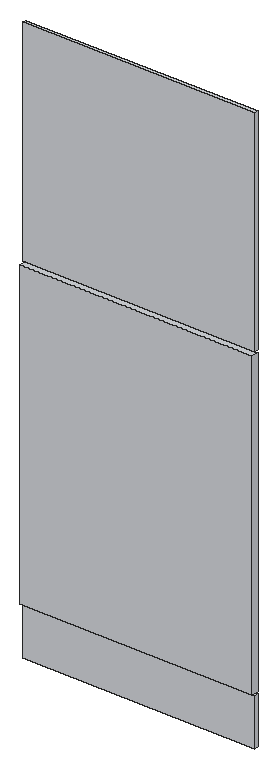
Revit family "EXP_WT-1A_CPan-029", category Curtain Panels, Revit 2021
Family settings
  OmniClass Number = 23.25.20.14.11.11.17
  OmniClass Title = Infill Panels
  Always vertical = Yes
  Cut with Voids When Loaded = No
  Shared = No
Parameters (values of type "H2 = 8'  5 1/2"")
  UI-UnitNumber [instance] = "01"
  UI-Quadrant [instance] = "SE"
  UI-ProjectAbbreviation = "NEU"
  UI-ItemCategory = "PID"
  UI-FloorNumber [instance] = "03"
  PNT-WallType = "WT1A"
  PNT-ProjectAbbreviation = "NEU"
  PNT-PanelType [instance] = "01"
  PNT-ItemCategory = "PNL"
  GlassSPH3 [instance] = 0' - 1 1/8"
  GlassSPH2(x3) [instance] = 0' - 2 3/16"
  GlassSPH1 [instance] = 0' - 1 1/8"
  GlassH3 [instance] = none
  GlassH2 [instance] = none
  GlassH1 [instance] = none
  Define Thermal Properties by = Schematic Type
  CellSp = 0' - 10 3/16"
  CellL [instance] = 6' - 10"
  CellH3 [instance] = CellH - (CellH1 + CellH2)  # 1' - 5 1/2"
  CellH2 = 8' - 5 1/2"
  CellH1 = 6' - 0 1/2"
  CellH [instance] = 15' - 11 1/2"
  CellAngle = 45.00°
  Analytic Construction = "<None>"
Reference planes (in)
  plane 1 "Center (Front/Back)": y = 0
  plane 2: z = 0
  plane 3 "Center (Left/Right)": x = 0
  plane 4 "Left": x = -41
  plane 5 "Right": x = 41
  plane 6 "Top": z = 191.5
  plane 7: z = 119
  plane 8: y = -10.1875
  plane 9: z = 17.5
Forms (in)
  Extrusion 1, solid, material <- "GlassH3", detail levels coarse+medium
    sketch origin (0, 0, 0) x (1, 0, 0) y (0, 1, 0)
      loop
        line (41, 0) -> (-41, 0) -> (-30.8125, -10.1875) -> (41, -10.1875) -> (41, 0)
    from 0 to 17.5
  Extrusion 2, solid, material <- "GlassH2", detail levels coarse+medium
    sketch origin (0, 0, 0) x (1, 0, 0) y (0, 1, 0)
      loop
        line (41, 0) -> (-41, 0) -> (-30.8125, -10.1875) -> (41, -10.1875) -> (41, 0)
    from 17.5 to 119
  Extrusion 3, solid, material <- "GlassH1", detail levels coarse+medium
    sketch origin (0, 0, 0) x (1, 0, 0) y (0, 1, 0)
      loop
        line (41, 0) -> (-41, 0) -> (-30.8125, -10.1875) -> (41, -10.1875) -> (41, 0)
    from 119 to 191.5
Lines and regions (in)
  reference lines
    curve 1: line (-41, 0, 0) -> (4.25483, -45.25483, 0)
Text (in)
  text "Exterior" at (-92.59733, 55.75508, 0), in view "Ref. Level"
  text "Exterior" at (0, 90.18664, 173.49264), in view "Left"
  text "Exterior" at (0, 52.29083, 162.21847), in view "Right"
Dimensions and locks (in)
  equal spacing: plane 4 "Left", plane 3 "Center (Left/Right)", plane 5 "Right"  (x2)
  "CellH1": plane 7 to plane 6 "Top"
  "CellH2": plane 9 to plane 7
  "CellH": plane 2 to plane 6 "Top"
  "CellSp": plane 8 to plane 1 "Center (Front/Back)"
  "CellL": plane 4 "Left" to plane 5 "Right"
  "CellH3": plane 2 to plane 9
  "CellAngle": angle curve 1 to plane 1 "Center (Front/Back)"
  aligned and locked: level to plane 2
  aligned and locked: Extrusion 1 sketch curve to plane 1 "Center (Front/Back)"
  aligned and locked: Extrusion 1 sketch curve to plane 8
  aligned and locked: Extrusion 1 sketch curve to plane 5 "Right"
  aligned and locked: Extrusion 1 sketch curve to curve 1
  aligned and locked: plane 9 to Extrusion 1
  aligned and locked: Extrusion 1 to plane 2
  aligned and locked: Extrusion 2 sketch curve to plane 1 "Center (Front/Back)"
  aligned and locked: Extrusion 2 sketch curve to plane 8
  aligned and locked: Extrusion 2 sketch curve to plane 5 "Right"
  aligned and locked: Extrusion 2 sketch curve to curve 1
  aligned and locked: plane 7 to Extrusion 2
  aligned and locked: Extrusion 2 to plane 9
  aligned and locked: Extrusion 3 sketch curve to plane 1 "Center (Front/Back)"
  aligned and locked: Extrusion 3 sketch curve to plane 8
  aligned and locked: Extrusion 3 sketch curve to plane 5 "Right"
  aligned and locked: Extrusion 3 sketch curve to curve 1
  aligned and locked: Extrusion 3 to plane 6 "Top"
  aligned and locked: Extrusion 3 to plane 7
  aligned and locked: nested 1 to plane 4 "Left"
  aligned and locked: nested 1 to plane 5 "Right"
  aligned and locked: nested 2 to Extrusion 3
  aligned and locked: nested 2 to level
  aligned and locked: plane 6 "Top" to nested 2
  aligned and locked: plane 1 "Center (Front/Back)" to nested 3
  aligned and locked: plane 2 to Extrusion 1
  aligned and locked: nested 3 to plane 6 "Top"
  aligned and locked: plane 4 "Left" to nested 3
  aligned and locked: plane 5 "Right" to nested 3
  aligned and locked: plane 1 "Center (Front/Back)" to nested 4
  aligned and locked: nested 4 to plane 6 "Top"
  aligned and locked: plane 7 to nested 4
  aligned and locked: plane 5 "Right" to nested 4
  aligned and locked: plane 4 "Left" to nested 4
  aligned and locked: plane 1 "Center (Front/Back)" to nested 5
  aligned and locked: plane 7 to nested 5
  aligned and locked: plane 9 to nested 5
  aligned and locked: plane 5 "Right" to nested 5
  aligned and locked: plane 4 "Left" to nested 5
  aligned and locked: plane 1 "Center (Front/Back)" to nested 6
  aligned and locked: plane 9 to nested 6
  aligned and locked: plane 2 to nested 6
  aligned and locked: plane 5 "Right" to nested 6
  aligned and locked: plane 4 "Left" to nested 6
Automatic sketch dimensions
  plane 1 "Center (Front/Back)" to curve 1 = 0' - 0"
  curve 1 to plane 4 "Left" = 0' - 0"
Nested families (in)
  nested 1: "EXP_WT-1A_DetO-002" at (-41, 0, 0), CellAngle <- "CellAngle", type "EXP_WT-1A_DetO-002"
    with built-in parameter 1001306 6.8333 (stored number, unit not read), CellAngle 45.00°
  nested 2: "EXP_WT-1A_DetO-004" at (0, 0, 191.5) x (0, 0, -1) z (1, 0, 0), CellH1 <- "CellH1", CellH2 <- "CellH2", type "EXP_WT-1A_DetO-004"
    with built-in parameter 1001306 15.958 (stored number, unit not read), CellH2 8' - 5 1/2", CellH1 6' - 0 1/2", CellH 15' - 11 1/2"
  nested 3: "EXP_xx_DetO-002" at (0, 0, 0), CellH <- "CellH", CellL <- "CellL", type "EXP_xx_DetO-002", detail levels coarse
    with CellL 6' - 10", CellH 15' - 11 1/2"
  nested 4: "EXP_WT-1x_IG-003" at (0, 0, 155.25), MaterialGlass <- "GlassH1", GlassSP <- "GlassSPH1", type "A = 90_GlassSP = H1", detail levels fine
    with MaterialGlass none, GlassSP 0' - 1 1/8", GlassL 6' - 4.87402", GlassH 5' - 10 13/16", CellL 6' - 10", CellH 6' - 0 1/2"
  nested 5: "EXP_WT-1x_IG-003" at (0, 0, 68.25), MaterialGlass <- "GlassH2", GlassSP <- "GlassSPH2(x3)", type "A = 90_GlassSP = H2(x3)", detail levels fine
    with MaterialGlass none, GlassSP 0' - 2 3/16", GlassL 6' - 4.87402", GlassH 8' - 4 3/4", CellL 6' - 10", CellH 8' - 5 1/2"
  nested 6: "EXP_WT-1x_IG-003" at (0, 0, 8.75), MaterialGlass <- "GlassH3", GlassSP <- "GlassSPH3", type "A = 90_ GlassSP = H3", detail levels fine
    with MaterialGlass none, GlassSP 0' - 1 1/8", GlassL 6' - 4.87402", GlassH 1' - 3.56299", CellL 6' - 10", CellH 1' - 5 1/2"
Definition of nested family "EXP_WT-1x_IG-003"
  Parameters (values of type "A = 90_H2(x2) _ GlassSP = 2 1/8"")
    MaterialGlass [instance] = none
    GlassSP [instance] = 0' - 2.12598"
    GlassL [instance] = CellL - (GlassD1 + GlassD3)  # 3' - 7.69291"
    GlassH [instance] = CellH - (GlassD2 + GlassD4)  # 6' - 6.64788"
    GlassD4 = 0' - 1.43701"
    GlassD3 = 0' - 0.93701"
    GlassD2 = 0' - 0 1/2"
    GlassD1 = 0' - 4.18898"
    GMPI-ProjectAbbreviation = "NEU"
    GMPI-IteamCategory = "GLS"
    Default Elevation = 0' - 0"
    CellL [instance] = 4' - 0.8189"
    CellH [instance] = 6' - 8.58489"
  Types (20): name | GlassSP | GlassL | GlassH | GlassD4 | GlassD2 | GlassD1
    A = 90_H2(x2) _ GlassSP = 2 1/8" | 0' - 2.12598" | 3' - 7.69291" | 6' - 6.64788" | 0' - 1.43701" | 0' - 0 1/2" | 0' - 4.18898"
    A = 90_H1 _ GlassSP = 1 1/4" | 0' - 1 1/4" | 3' - 7.69291" | 6' - 6.89739" | 0' - 0 1/4" | 0' - 1 7/16" | 0' - 4.18898"
    A = 90_H2(x3) _ GlassSP = 2 1/8" | 0' - 2.12598" | 3' - 7.69291" | 6' - 7.83489" | 0' - 0 1/4" | 0' - 0 1/2" | 0' - 4.18898"
    A = 90_H3 _ GlassSP = 1 1/4" | 0' - 1 1/4" | 3' - 7.69291" | 6' - 6.64788" | 0' - 1.43701" | 0' - 0 1/2" | 0' - 4.18898"
    A = 90_H _ GlassSP = 1 1/4" | 0' - 1 1/4" | 3' - 7.69291" | 6' - 5.71088" | 0' - 1.43701" | 0' - 1.43701" | 0' - 4.18898"
    A = 78_H _ GlassSP = 1 1/4" | 0' - 1 1/4" | 3' - 6.75591" | 6' - 5.71088" | 0' - 1.43701" | 0' - 1.43701" | 0' - 5.12598"
    A = 78_H1 _ GlassSP = 1 1/4" | 0' - 1 1/4" | 3' - 6.75591" | 6' - 6.89739" | 0' - 0 1/4" | 0' - 1 7/16" | 0' - 5.12598"
    A = 78_H2(x2) _ GlassSP = 2 1/8" | 0' - 2.12598" | 3' - 6.75591" | 6' - 6.64788" | 0' - 1.43701" | 0' - 0 1/2" | 0' - 5.12598"
    A = 78_H2(x3) _ GlassSP = 2 1/8" | 0' - 2.12598" | 3' - 6.75591" | 6' - 7.83489" | 0' - 0 1/4" | 0' - 0 1/2" | 0' - 5.12598"
    A = 78_H3 _ GlassSP = 1 1/4" | 0' - 1 1/4" | 3' - 6.75591" | 6' - 6.64788" | 0' - 1.43701" | 0' - 0 1/2" | 0' - 5.12598"
    A = 90_GlassSP = H | 0' - 1 1/4" | 3' - 7.69291" | 6' - 5.71088" | 0' - 1.43701" | 0' - 1.43701" | 0' - 4.18898"
    A = 90_ GlassSP = H3 | 0' - 1 1/4" | 3' - 7.69291" | 6' - 6.64788" | 0' - 1.43701" | 0' - 0 1/2" | 0' - 4.18898"
    A = 90_GlassSP = H2(x3) | 0' - 2.12598" | 3' - 7.69291" | 6' - 7.83489" | 0' - 0 1/4" | 0' - 0 1/2" | 0' - 4.18898"
    A = 90_GlassSP = H2(x2) | 0' - 2.12598" | 3' - 7.69291" | 6' - 6.64788" | 0' - 1.43701" | 0' - 0 1/2" | 0' - 4.18898"
    A = 90_GlassSP = H1 | 0' - 1 1/4" | 3' - 7.69291" | 6' - 6.89739" | 0' - 0 1/4" | 0' - 1 7/16" | 0' - 4.18898"
    A = 78_GlassSP = H | 0' - 1 1/4" | 3' - 6.75591" | 6' - 5.71088" | 0' - 1.43701" | 0' - 1.43701" | 0' - 5.12598"
    A = 78_ GlassSP = H3 | 0' - 1 1/4" | 3' - 6.75591" | 6' - 6.64788" | 0' - 1.43701" | 0' - 0 1/2" | 0' - 5.12598"
    A = 78_ GlassSP = H2(x3) | 0' - 2.12598" | 3' - 6.75591" | 6' - 7.83489" | 0' - 0 1/4" | 0' - 0 1/2" | 0' - 5.12598"
    A = 78_GlassSP = H2(x2) | 0' - 2.12598" | 3' - 6.75591" | 6' - 6.64788" | 0' - 1.43701" | 0' - 0 1/2" | 0' - 5.12598"
    A = 78_GlassSP = H1 | 0' - 1 1/4" | 3' - 6.75591" | 6' - 6.89739" | 0' - 0 1/4" | 0' - 1 7/16" | 0' - 5.12598"
  Reference planes (in)
    plane 1 "Center (Front/Back)": y = 0
    plane 2: z = 0
    plane 3 "Center (Left/Right)": x = 0
    plane 4: x = -24.40945
    plane 5: x = 24.40945
    plane 6: z = 40.29245
    plane 7: x = -20.22047
    plane 8: x = 23.47244
    plane 9: z = -40.29245
    plane 10: z = 39.79245
    plane 11: z = -38.85544
  Forms (in)
    Extrusion 1, solid, material <- "MaterialGlass"
      sketch origin (0, 0, 0) x (1, 0, 0) y (0, 0, 1)
        loop
          line (-20.22047, -38.85544) -> (23.47244, -38.85544) -> (23.47244, 39.79245) -> (-20.22047, 39.79245) -> (-20.22047, -38.85544)
      from 0 to 2.12598 <- "GlassSP"
  Dimensions and locks (in)
    equal spacing: plane 6, level, plane 9
    "CellH": plane 6 to plane 9
    "GlassD2": plane 6 to plane 10
    "GlassD4": plane 11 to plane 9
    equal spacing: plane 4, plane 3 "Center (Left/Right)", plane 5
    "CellL": plane 4 to plane 5
    "GlassD1": plane 4 to plane 7
    "GlassD3": plane 5 to plane 8
    aligned and locked: level to plane 2
    aligned and locked: Extrusion 1 sketch curve to plane 11
    aligned and locked: Extrusion 1 sketch curve to plane 7
    aligned and locked: plane 10 to Extrusion 1 sketch curve
    aligned and locked: plane 8 to Extrusion 1 sketch curve
Definition of nested family "EXP_WT-1A_DetO-002"
  Parameters (values of type "EXP_WT-1A_DetO-002")
    built-in parameter 1001306 [instance] = 5' - 2.99213"
    CellAngle [instance] = 45.00°
  Reference planes (in)
    plane 1 "Center (Front/Back)": y = 0
    plane 2: z = 0
    plane 3 "Left": x = 0
    plane 4 "Right": x = 62.99213
  Lines and regions (in)
    reference lines, in view "Ref. Level"
      curve 1: line (0, 0, 0) -> (62.99213, 0, 0)
      curve 17: line (0, 0, 0) -> (16.97056, -16.97056, 0)
    detail lines, in view "Ref. Level"
      curve 2: line (-0.30429, 0, 0) -> (-0.00849, 0, 0)
      curve 3: line (-0.30429, 0, 0) -> (-0.00849, 0, 0)
      curve 4: line (62.99213, -0.81795, 0) -> (62.99213, -10.1875, 0)
      curve 5: line (62.99213, -10.1875, 0) -> (60.99213, -10.1875, 0)
      curve 6: line (60.99213, -10.1875, 0) -> (60.99213, -2.43678, 0)
      curve 7: line (60.99213, -2.43678, 0) -> (62.44632, -2.43678, 0)
      curve 8: line (62.44632, -2.43678, 0) -> (62.44632, 0, 0)
      curve 9: line (62.44632, 0, 0) -> (62.74213, 0, 0)
      curve 10: line (62.74213, 0, 0) -> (62.74213, -0.81795, 0)
      curve 11: line (62.99213, -0.81795, 0) -> (62.74213, -0.81795, 0)
      curve 12: line (-0.30429, 0, 0) -> (-0.00849, 0, 0)
      curve 13: line (2.83381, 0, 0) -> (62.04971, 0, 0)
      curve 14: line (2.83381, -1.31, 0) -> (2.83381, 0, 0)
      curve 15: line (2.83381, -1.31, 0) -> (62.04971, -1.31, 0)
      curve 16: line (62.04971, -1.31, 0) -> (62.04971, 0, 0)
      curve 18: line (2.35972, -2.35972, 0) -> (10.125, -10.1875, 0)
      curve 19: line (12.59763, -10.1875, 0) -> (10.125, -10.1875, 0)
      curve 20: line (4.3571, -1.88308, 0) -> (12.59763, -10.1875, 0)
      curve 21: line (2.8356, -1.88308, 0) -> (4.3571, -1.88308, 0)
      curve 22: line (2.35972, -2.35972, 0) -> (2.8356, -1.88308, 0)
  Dimensions and locks (in)
    "built-in parameter 1001306": plane 3 "Left" to plane 4 "Right"
    "CellAngle": angle curve 17 to plane 1 "Center (Front/Back)"
    aligned and locked: plane 1 "Center (Front/Back)" to curve 1
    aligned and locked: plane 3 "Left" to curve 1
    aligned and locked: plane 4 "Right" to curve 1
    aligned and locked: curve 4 to plane 4 "Right"
    aligned and locked: curve 12 to curve 1
    aligned and locked: curve 1 to curve 13
    aligned and locked: curve 5 to curve 19
  Automatic sketch dimensions
    plane 1 "Center (Front/Back)" to curve 9 = 0' - 0"
    curve 2 to curve 2 = 0' - 0.2958"
    curve 7 to plane 4 "Right" = 0' - 2"
    curve 9 to plane 4 "Right" = 0' - 0.5458"
    curve 10 to curve 4 = 0' - 0 1/4"
    plane 1 "Center (Front/Back)" to curve 4 = 0' - 0.81795"
    curve 7 to curve 10 = 0' - 1.61883"
    curve 16 to curve 10 = 0' - 0.69242"
    curve 16 to curve 10 = 0' - 0.49205"
    curve 3 to curve 13 = 0' - 2.8423"
    curve 14 to curve 20 = 0' - 1.52329"
    curve 19 to curve 20 = 0' - 2.47263"
    curve 14 to curve 21 = 0' - 0.00179"
    curve 22 to curve 22 = 0' - 0.47588"
    curve 22 to curve 22 = 0' - 0.47664"
    plane 1 "Center (Front/Back)" to curve 21 = 0' - 1.88308"
    plane 3 "Left" to curve 20 = 1' - 0.59763"
    plane 3 "Left" to curve 21 = 0' - 4.3571"
    curve 5 to curve 6 = 0' - 7.75072"
Definition of nested family "EXP_WT-1A_DetO-004"
  Parameters (values of type "EXP_WT-1A_DetO-004")
    built-in parameter 1001306 [instance] = 12' - 11"
    CellH2 [instance] = 5' - 8"
    CellH1 [instance] = 3' - 3"
    CellH [instance] = 12' - 11"
  Reference planes (in)
    plane 1 "Center (Front/Back)": y = 0
    plane 2: z = 0
    plane 3 "Left": x = 0
    plane 4 "Right": x = 155
    plane 5: x = 39
    plane 6: x = 107
  Lines and regions (in)
    reference lines, in view "Ref. Level"
      curve 1: line (0, 0, 0) -> (155, 0, 0)
    detail lines, in view "Ref. Level"
      curve 2: line (37.25001, -10.1875, 0) -> (37.25001, -2.41263, 0)
      curve 3: line (37.25001, -2.41263, 0) -> (40.74999, -2.41263, 0)
      curve 4: line (40.74999, -2.41263, 0) -> (40.74999, -10.1875, 0)
      curve 5: line (40.74999, -10.1875, 0) -> (37.25001, -10.1875, 0)
      curve 6: line (39.27639, -2.185, 0) -> (39.27639, 0, 0)
      curve 7: line (39.27639, 0, 0) -> (106.72361, 0, 0)
      curve 8: line (106.72361, -2.185, 0) -> (39.27639, -2.185, 0)
      curve 9: line (38.52639, -1.31, 0) -> (38.52639, 0, 0)
      curve 10: line (38.52639, 0, 0) -> (1.19241, 0, 0)
      curve 11: line (38.52639, -1.31, 0) -> (1.19241, -1.31, 0)
      curve 12: line (0, -10.1875, 0) -> (2.125, -10.1875, 0)
      curve 13: line (0, -0.81812, 0) -> (0, -10.1875, 0)
      curve 14: line (0.5, 0, 0) -> (0.5, -0.81812, 0)
      curve 15: line (0.5, 0, 0) -> (0.7958, 0, 0)
      curve 16: line (0, -0.81812, 0) -> (0.5, -0.81812, 0)
      curve 17: line (0.7958, -2.43676, 0) -> (0.7958, 0, 0)
      curve 18: line (2.125, -2.43676, 0) -> (0.7958, -2.43676, 0)
      curve 19: line (2.125, -10.1875, 0) -> (2.125, -2.43676, 0)
      curve 20: line (1.19241, -1.31, 0) -> (1.19241, 0, 0)
      curve 21: line (155, 60, 0) -> (155, -10.1875, 0)
      curve 22: line (155, -10.1875, 0) -> (151.625, -10.1875, 0)
      curve 23: line (151.625, -10.1875, 0) -> (151.625, -2.43679, 0)
      curve 24: line (151.625, -2.43679, 0) -> (154.2042, -2.43679, 0)
      curve 25: line (154.2042, -2.43679, 0) -> (154.2042, 0, 0)
      curve 26: line (154.5, 0, 0) -> (154.5, -0.81812, 0)
      curve 27: line (154.2042, 0, 0) -> (154.5, 0, 0)
      curve 28: line (155, -0.81812, 0) -> (154.5, -0.81812, 0)
      curve 29: line (155, -0.81812, 0) -> (155, -10.1875, 0)
      curve 30: line (153.80789, -1.31, 0) -> (153.80789, 0, 0)
      curve 31: line (105.25001, -10.1875, 0) -> (108.74999, -10.1875, 0)
      curve 32: line (105.25001, -2.41263, 0) -> (105.25001, -10.1875, 0)
      curve 33: line (108.74999, -10.1875, 0) -> (108.74999, -2.41263, 0)
      curve 34: line (108.74999, -2.41263, 0) -> (105.25001, -2.41263, 0)
      curve 35: line (106.72361, -2.185, 0) -> (106.72361, 0, 0)
      curve 36: line (107.47361, -1.31, 0) -> (153.80789, -1.31, 0)
      curve 37: line (107.47361, -1.31, 0) -> (107.47361, 0, 0)
      curve 38: line (153.80789, 0, 0) -> (107.47361, 0, 0)
  Dimensions and locks (in)
    "built-in parameter 1001306": plane 3 "Left" to plane 4 "Right"
    "CellH": plane 3 "Left" to plane 4 "Right"
    "CellH1": plane 3 "Left" to plane 5
    "CellH2": plane 5 to plane 6
    aligned and locked: plane 1 "Center (Front/Back)" to curve 1
    aligned and locked: plane 3 "Left" to curve 1
    aligned and locked: plane 4 "Right" to curve 1
    aligned and locked: curve 1 to curve 7
    aligned and locked: curve 10 to plane 1 "Center (Front/Back)"
    aligned and locked: curve 13 to plane 3 "Left"
    aligned and locked: curve 1 to curve 15
    aligned and locked: curve 21 to plane 4 "Right"
    aligned and locked: curve 29 to plane 4 "Right"
    aligned and locked: curve 38 to curve 7
    aligned and locked: curve 5 to curve 12
    aligned and locked: curve 5 to curve 31
    aligned and locked: curve 22 to curve 31
  Automatic sketch dimensions
    plane 5 to curve 3 = 0' - 1 3/4"
    plane 1 "Center (Front/Back)" to curve 3 = 0' - 2.41263"
    curve 5 to plane 5 = 0' - 1 3/4"
    plane 5 to curve 6 = 0' - 0.27639"
    curve 6 to curve 6 = 0' - 2.185"
    curve 9 to plane 5 = 0' - 0.47361"
    plane 1 "Center (Front/Back)" to curve 13 = 0' - 0.81812"
    plane 3 "Left" to curve 14 = 0' - 0 1/2"
    curve 14 to curve 17 = 0' - 0.2958"
    curve 17 to curve 18 = 0' - 1.3292"
    curve 18 to curve 14 = 0' - 1.61864"
    curve 14 to curve 20 = 0' - 0.69242"
    curve 20 to curve 14 = 0' - 0.49188"
    curve 21 to plane 1 "Center (Front/Back)" = 5' - 0"
    curve 24 to curve 24 = 0' - 2.5792"
    plane 1 "Center (Front/Back)" to curve 27 = 0' - 0"
    curve 25 to curve 26 = 0' - 0.2958"
    curve 28 to curve 28 = 0' - 0 1/2"
    curve 30 to curve 24 = 0' - 0.39631"
    curve 24 to curve 30 = 0' - 1.12679"
    plane 1 "Center (Front/Back)" to curve 26 = 0' - 0.81812"
    curve 32 to plane 6 = 0' - 1 3/4"
    plane 6 to curve 31 = 0' - 1 3/4"
    plane 1 "Center (Front/Back)" to curve 33 = 0' - 2.41263"
    curve 35 to plane 6 = 0' - 0.27639"
    curve 36 to curve 37 = 0' - 1.31"
    plane 6 to curve 38 = 0' - 0.47361"
    curve 21 to curve 24 = 0' - 7.75071"
Definition of nested family "EXP_xx_DetO-002"
  Parameters (values of type "EXP_xx_DetO-002")
    Default Elevation = 0' - 0"
    CellL [instance] = 5' - 4.56693"
    CellH [instance] = 5' - 2.99213"
  Reference planes (in)
    plane 1 "Center (Front/Back)": y = 0
    plane 2: z = 0
    plane 3 "Center (Left/Right)": x = 0
    plane 4: x = -32.28346
    plane 5: x = 32.28346
    plane 6: z = 62.99213
  Lines and regions (in)
    model lines
      curve 1: line (-32.28346, 0, 62.99213) -> (32.28346, 0, 0)
      curve 2: line (32.28346, 0, 62.99213) -> (-32.28346, 0, 0)
  Dimensions and locks (in)
    "CellH": plane 6 to level
    equal spacing: plane 4, plane 3 "Center (Left/Right)", plane 5
    "CellL": plane 4 to plane 5
    aligned and locked: level to plane 2
  Automatic sketch dimensions
    curve 2 to level = 0' - 0"
    plane 4 to curve 2 = 0' - 0"
    plane 4 to curve 1 = 0' - 0"
    plane 5 to curve 2 = 0' - 0"
    curve 1 to level = 0' - 0"
    plane 5 to curve 1 = 0' - 0"
    curve 2 to plane 6 = 0' - 0"
    curve 1 to plane 6 = 0' - 0"
